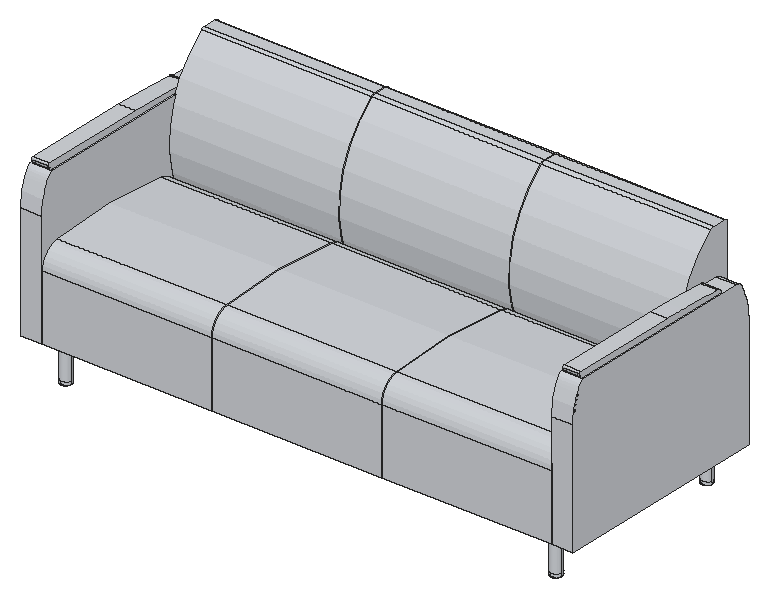
Revit family "Seat-LaZBoy-Assymble_Lounge_Seating-AS32A", category Furniture, Revit 2017
Family settings
  OmniClass Number = 23.40.20.00
  OmniClass Title = General Furniture and Specialties
  Work Plane-Based = No
  Always vertical = Yes
  Cut with Voids When Loaded = No
  Shared = No
  Room Calculation Point = No
Parameters (values of type "Solid Surface Arms Caps")
  Width = 77.50"  # constant formula
  URL = "https://www.la-z-boy.com/"
  Seat Material [instance] = none
  Product Documentation Link = "URL"
  Model = "AS32AJ"
  Manufacturer = "LaZBoy"
  Height = 32.75"  # constant formula
  Description = "3 Seat Lounge Chair with Solid Surface Arms Caps"
  Depth = 30.75"  # constant formula
  Copyright © = "Inc"
  Back Material [instance] = none
  Assembly Code = "E2020200"
  Armcap Material [instance] = none
  Arm Material [instance] = none
Types (4): name | Model | Description
  Upholstered Arms | "AS32AF" | "3 Seat Lounge Chair with Upholstered Arms"
  Urethane Arms Caps | "AS32AU" | "3 Seat Lounge Chair with Urethane Arms Caps"
  Wood Arms Caps | "AS32AW" | "3 Seat Lounge Chair with Wood Arms Caps"
  Solid Surface Arms Caps | "AS32AJ" | "3 Seat Lounge Chair with Solid Surface Arms Caps"
Reference planes (in)
  plane 1 "Center (Front/Back)": y = 0
  plane 2: z = 0
  plane 3 "Center (Left/Right)": x = 0
  plane 4: y = -15.375
  plane 5: z = 32.75
  plane 6: y = 15.375
  plane 7: x = -38.75
  plane 8: x = 38.75
  plane 9: z = 5.39888
  plane 10: x = -35.75
  plane 11: x = 35.75
  plane 12: x = -11.91667
  plane 13: x = 11.91667
  plane 14 "glide1": y = -12.84321
  plane 15 "glide 2": y = 13.59321
  plane 16: x = -34.36938
Forms (in)
  Extrusion 1, solid, material <- "Back Material"
    sketch origin (0, 0, 0) x (0, 1, 0) y (0, 0, 1)
      loop
        line (15.375, 5.39888) -> (15.375, 32.4)
        arc (15.375, 32.4) -> (15.27249, 32.64749) -> (15.025, 32.75) r 0.35
        line (15.025, 32.75) -> (13.18257, 32.75)
        arc (13.18257, 32.75) -> (12.88654, 32.70048) -> (12.62275, 32.55731) r 0.90955
        arc (12.62275, 32.55731) -> (7.27087, 24.12175) -> (8.46181, 14.20293) r 14.8761
        arc (8.46181, 14.20293) -> (10.29749, 9.8942) -> (11.61161, 5.39888) r 39.59734
        line (11.61161, 5.39888) -> (15.375, 5.39888)
    from -35.75 to -11.91667
  Extrusion 2, solid, material <- "Seat Material"
    sketch origin (0, 0, 0) x (0, 1, 0) y (0, 0, 1)
      loop
        line (-15.375, 5.39888) -> (11.61161, 5.39888)
        arc (11.61161, 5.39888) -> (9.9596, 10.8034) -> (7.55503, 15.9177) r 39.59734
        arc (7.55503, 15.9177) -> (6.71811, 16.83642) -> (5.56221, 17.29288) r 2.75
        arc (5.56221, 17.29288) -> (-3.58084, 18.03171) -> (-12.7401, 17.53243) r 67.9538
        arc (-12.7401, 17.53243) -> (-14.6217, 16.54278) -> (-15.375, 14.55473) r 3
        line (-15.375, 14.55473) -> (-15.375, 5.39888)
    from -35.75 to -11.91667
  Extrusion 3, solid
    sketch origin (0, 0, 0) x (1, 0, 0) y (0, 1, 0)
      loop
        circle (-34.36938, 13.59321) r 0.75
      loop
        circle (34.36938, 13.59321) r 0.75
      loop
        circle (-34.36938, -12.84321) r 0.75
      loop
        circle (34.36938, -12.84321) r 0.75
    from 0 to 5.39888
  Extrusion 4, solid, material <- "Back Material"
    sketch origin (0, 0, 0) x (0, 1, 0) y (0, 0, -1)
      loop
        line (15.375, -5.39888) -> (11.61161, -5.39888)
        arc (11.61161, -5.39888) -> (10.29749, -9.8942) -> (8.46181, -14.20293) r 39.59734
        arc (8.46181, -14.20293) -> (7.27087, -24.12175) -> (12.62275, -32.55731) r 14.8761
        arc (12.62275, -32.55731) -> (12.88654, -32.70048) -> (13.18257, -32.75) r 0.90955
        line (13.18257, -32.75) -> (15.025, -32.75)
        arc (15.025, -32.75) -> (15.27249, -32.64749) -> (15.375, -32.4) r 0.35
        line (15.375, -32.4) -> (15.375, -5.39888)
    from -35.75 to -11.91667
  Extrusion 5, solid, material <- "Seat Material"
    sketch origin (0, 0, 0) x (0, 1, 0) y (0, 0, -1)
      loop
        line (-15.375, -5.39888) -> (-15.375, -14.55473)
        arc (-15.375, -14.55473) -> (-14.6217, -16.54278) -> (-12.7401, -17.53243) r 3
        arc (-12.7401, -17.53243) -> (-3.58084, -18.03171) -> (5.56221, -17.29288) r 67.9538
        arc (5.56221, -17.29288) -> (6.71811, -16.83642) -> (7.55503, -15.9177) r 2.75
        arc (7.55503, -15.9177) -> (9.9596, -10.8034) -> (11.61161, -5.39888) r 39.59734
        line (11.61161, -5.39888) -> (-15.375, -5.39888)
    from -35.75 to -11.91667
  Extrusion 6, solid, material <- "Back Material"
    sketch origin (-23, 0, 0) x (0, 1, 0) y (0, 0, -1)
      loop
        line (15.375, -5.39888) -> (11.61161, -5.39888)
        arc (11.61161, -5.39888) -> (10.29749, -9.8942) -> (8.46181, -14.20293) r 39.59734
        arc (8.46181, -14.20293) -> (7.27087, -24.12175) -> (12.62275, -32.55731) r 14.8761
        arc (12.62275, -32.55731) -> (12.88654, -32.70048) -> (13.18257, -32.75) r 0.90955
        line (13.18257, -32.75) -> (15.025, -32.75)
        arc (15.025, -32.75) -> (15.27249, -32.64749) -> (15.375, -32.4) r 0.35
        line (15.375, -32.4) -> (15.375, -5.39888)
    from -34.91667 to -11.08333
  Extrusion 7, solid, material <- "Seat Material"
    sketch origin (-23, 0, 0) x (0, 1, 0) y (0, 0, -1)
      loop
        line (-15.375, -5.39888) -> (-15.375, -14.55473)
        arc (-15.375, -14.55473) -> (-14.6217, -16.54278) -> (-12.7401, -17.53243) r 3
        arc (-12.7401, -17.53243) -> (-3.58084, -18.03171) -> (5.56221, -17.29288) r 67.9538
        arc (5.56221, -17.29288) -> (6.71811, -16.83642) -> (7.55503, -15.9177) r 2.75
        arc (7.55503, -15.9177) -> (9.9596, -10.8034) -> (11.61161, -5.39888) r 39.59734
        line (11.61161, -5.39888) -> (-15.375, -5.39888)
    from -34.91667 to -11.08333
  Revolve 8, solid
    sketch origin (-1.25, -12.84321, 0) x (1, 0, 0) y (0, 0, 1)
      loop
        line (-33.11938, 0) -> (-32.38039, 0)
        arc (-32.38039, 0) -> (-32.34459, 0.01483) -> (-32.32976, 0.05064) r 0.05064
        line (-32.32976, 0.05064) -> (-32.32976, 0.40859) -> (-33.11938, 0.40859) -> (-33.11938, 0)
      axis (-33.11938, 0.40859) -> (-33.11938, 0)
    angle from 0 to 360
  Revolve 9, solid
    sketch origin (1.25, -12.84321, 0) x (-1, 0, 0) y (0, 0, 1)
      loop
        line (-33.11938, 0) -> (-32.38039, 0)
        arc (-32.38039, 0) -> (-32.34459, 0.01483) -> (-32.32976, 0.05064) r 0.05064
        line (-32.32976, 0.05064) -> (-32.32976, 0.40859) -> (-33.11938, 0.40859) -> (-33.11938, 0)
      axis (-33.11938, 0.40859) -> (-33.11938, 0)
    angle from 0 to 360
  Revolve 10, solid
    sketch origin (0, 13.59321, 0) x (1, 0, 0) y (0, 0, 1)
      loop
        line (-34.36938, 0) -> (-33.63039, 0)
        arc (-33.63039, 0) -> (-33.59459, 0.01483) -> (-33.57976, 0.05064) r 0.05064
        line (-33.57976, 0.05064) -> (-33.57976, 0.40859) -> (-34.36938, 0.40859) -> (-34.36938, 0)
      axis (-34.36938, 0.40859) -> (-34.36938, 0)
    angle from 0 to 360
  Revolve 11, solid
    sketch origin (0, 13.59321, 0) x (1, 0, 0) y (0, 0, 1)
      loop
        line (34.36938, 0) -> (34.36938, 0.40859) -> (33.57976, 0.40859) -> (33.57976, 0.05064)
        arc (33.57976, 0.05064) -> (33.59459, 0.01483) -> (33.63039, 0) r 0.05064
        line (33.63039, 0) -> (34.36938, 0)
      axis (34.36938, 0.40859) -> (34.36938, 0)
    angle from 0 to 360
Lines and regions (in)
  Masking region 1
    outline origin (0, 0, 0) x (1, 0, 0) y (0, 1, 0)
      loop
        line (-35.75, 15.375) -> (-35.75, -15.375) -> (35.75, -15.375) -> (35.75, 15.375) -> (-35.75, 15.375)
  symbolic lines, detail levels fine
    curve 1: line (35.75, 11.61161, 0) -> (-35.75, 11.61161, 0)
  symbolic lines, detail levels medium+fine
    curve 2: line (-35.75, 6.90274, 0) -> (35.75, 6.90274, 0)
    curve 3: line (11.91667, 15.375, 0) -> (11.91667, -15.375, 0)
    curve 4: line (-11.91667, 15.025, 0) -> (-11.91667, -15.375, 0)
Dimensions and locks (in)
  equal spacing: plane 6, plane 1 "Center (Front/Back)", plane 4
  equal spacing: plane 7, plane 3 "Center (Left/Right)", plane 8
  "Width": plane 7 to plane 8
  "Depth": plane 4 to plane 6
  "Height": plane 5 to plane 2
  plane 6 to Extrusion 3 sketch curve = 1.78179"
  locked: plane 7 to Extrusion 3 sketch curve at 4.38062
  locked: plane 9 to plane 2 at 5.39888
  locked: plane 7 to plane 10 at 3
  locked: plane 11 to plane 8 at 3
  equal spacing: plane 10, plane 12, plane 13, plane 11
  locked: plane 15 "glide 2" to plane 6 at 1.78179
  locked: plane 4 to plane 14 "glide1" at 2.53179
  aligned and locked: level to plane 2
  aligned and locked: plane 3 "Center (Left/Right)" to nested 1
  aligned and locked: plane 1 "Center (Front/Back)" to nested 1
  aligned and locked: plane 6 to Extrusion 1 sketch curve
  aligned and locked: Extrusion 3 to plane 9
  aligned and locked: nested 2 to plane 7
  aligned and locked: plane 6 to nested 2
  aligned and locked: nested 3 to plane 8
  aligned and locked: plane 10 to Extrusion 1
  aligned and locked: plane 10 to Extrusion 2
  aligned and locked: Masking region 1 sketch curve to plane 11
  aligned and locked: Masking region 1 sketch curve to plane 6
  aligned and locked: Masking region 1 sketch curve to plane 10
  aligned and locked: Masking region 1 sketch curve to plane 4
  aligned and locked: curve 1 to Extrusion 2
  aligned and locked: plane 11 to Extrusion 4
  aligned and locked: plane 11 to Extrusion 5
  aligned and locked: curve 3 to plane 13
  aligned and locked: plane 6 to curve 3
  aligned and locked: plane 4 to curve 3
  aligned and locked: plane 12 to Extrusion 1
  aligned and locked: plane 12 to Extrusion 2
  aligned and locked: Extrusion 4 to plane 13
  aligned and locked: Extrusion 5 to plane 13
  aligned and locked: Extrusion 6 to plane 12
  aligned and locked: plane 13 to Extrusion 6
  aligned and locked: Extrusion 7 to plane 12
  aligned and locked: plane 13 to Extrusion 7
Automatic sketch dimensions
  Extrusion 1 sketch curve to plane 9 = 0.00"
  Extrusion 1 sketch curve to plane 5 = 0.00"
  Extrusion 1 sketch curve to plane 5 = 0.35"
  plane 15 "glide 2" to Extrusion 1 sketch curve = 0.41064"
  plane 15 "glide 2" to Extrusion 1 sketch curve = 1.9816"
  Extrusion 1 sketch curve to level = 3.44449"
  plane 4 to Extrusion 1 sketch curve = 11.61059"
  plane 6 to Extrusion 1 sketch curve = 6.40384"
  Extrusion 1 sketch curve to plane 5 = 11.91722"
  Extrusion 1 sketch curve to plane 5 = 0.90955"
  Extrusion 1 sketch curve to Extrusion 1 sketch curve = 0.00"
  Extrusion 2 sketch curve to plane 4 = 0.00"
  Extrusion 2 sketch curve to plane 9 = 0.00"
  Extrusion 2 sketch curve to level = 3.44449"
  plane 4 to Extrusion 2 sketch curve = 11.61059"
  Extrusion 2 sketch curve to plane 14 "glide1" = 0.46821"
  plane 1 "Center (Front/Back)" to Extrusion 2 sketch curve = 4.47018"
  Extrusion 2 sketch curve to plane 1 "Center (Front/Back)" = 5.15622"
  plane 15 "glide 2" to Extrusion 2 sketch curve = 1.9816"
  Extrusion 2 sketch curve to level = 49.91627"
  Extrusion 2 sketch curve to Extrusion 2 sketch curve = 9.15585"
  plane 9 to Extrusion 2 sketch curve = 9.17414"
  Extrusion 2 sketch curve to Extrusion 2 sketch curve = 0.00"  (x2)
  plane 14 "glide1" to Extrusion 3 sketch curve = 0.00"  (x2)
  Extrusion 3 sketch curve to plane 16 = 0.00"
  plane 15 "glide 2" to Extrusion 3 sketch curve = 0.00"
  Extrusion 3 sketch curve to plane 11 = 1.38062"  (x2)
  Extrusion 4 sketch curve to plane 9 = 0.00"
  Extrusion 4 sketch curve to plane 5 = 0.00"
  Extrusion 4 sketch curve to plane 6 = 0.00"
  Extrusion 4 sketch curve to plane 5 = 0.35"
  plane 15 "glide 2" to Extrusion 4 sketch curve = 0.41064"
  plane 15 "glide 2" to Extrusion 4 sketch curve = 1.9816"
  Extrusion 4 sketch curve to level = 3.44449"
  plane 4 to Extrusion 4 sketch curve = 11.61059"
  plane 6 to Extrusion 4 sketch curve = 6.40384"
  Extrusion 4 sketch curve to plane 5 = 0.90955"
  Extrusion 4 sketch curve to plane 5 = 11.91722"
  Extrusion 4 sketch curve to Extrusion 4 sketch curve = 0.00"
  Extrusion 5 sketch curve to plane 4 = 0.00"
  Extrusion 5 sketch curve to plane 9 = 0.00"
  Extrusion 5 sketch curve to level = 3.44449"
  plane 4 to Extrusion 5 sketch curve = 11.61059"
  Extrusion 5 sketch curve to plane 14 "glide1" = 0.46821"
  plane 1 "Center (Front/Back)" to Extrusion 5 sketch curve = 4.47018"
  Extrusion 5 sketch curve to plane 1 "Center (Front/Back)" = 5.15622"
  plane 15 "glide 2" to Extrusion 5 sketch curve = 1.9816"
  Extrusion 5 sketch curve to Extrusion 5 sketch curve = 9.15585"
  plane 9 to Extrusion 5 sketch curve = 9.17414"
  Extrusion 5 sketch curve to level = 49.91627"
  Extrusion 5 sketch curve to Extrusion 5 sketch curve = 0.00"  (x2)
  Extrusion 6 sketch curve to plane 9 = 0.00"
  Extrusion 6 sketch curve to plane 5 = 0.00"
  Extrusion 6 sketch curve to plane 6 = 0.00"
  Extrusion 6 sketch curve to plane 5 = 0.35"
  plane 15 "glide 2" to Extrusion 6 sketch curve = 0.41064"
  plane 15 "glide 2" to Extrusion 6 sketch curve = 1.9816"
  Extrusion 6 sketch curve to level = 3.44449"
  plane 4 to Extrusion 6 sketch curve = 11.61059"
  plane 6 to Extrusion 6 sketch curve = 6.40384"
  Extrusion 6 sketch curve to plane 5 = 0.90955"
  Extrusion 6 sketch curve to plane 5 = 11.91722"
  Extrusion 6 sketch curve to Extrusion 6 sketch curve = 0.00"
  Extrusion 7 sketch curve to plane 4 = 0.00"
  Extrusion 7 sketch curve to plane 9 = 0.00"
  Extrusion 7 sketch curve to level = 3.44449"
  plane 4 to Extrusion 7 sketch curve = 11.61059"
  Extrusion 7 sketch curve to plane 14 "glide1" = 0.46821"
  plane 1 "Center (Front/Back)" to Extrusion 7 sketch curve = 4.47018"
  Extrusion 7 sketch curve to plane 1 "Center (Front/Back)" = 5.15622"
  plane 15 "glide 2" to Extrusion 7 sketch curve = 1.9816"
  plane 9 to Extrusion 7 sketch curve = 9.15585"
  plane 9 to Extrusion 7 sketch curve = 9.17414"
  Extrusion 7 sketch curve to level = 49.91627"
  Extrusion 7 sketch curve to Extrusion 7 sketch curve = 0.00"  (x2)
  Revolve 8 sketch curve to plane 16 = 0.00"  (x2)
  Revolve 8 sketch curve to level = 0.00"
  plane 16 to Revolve 8 sketch curve = 0.73899"
  level to Revolve 8 sketch curve = 0.05064"
  Revolve 8 sketch curve to Revolve 8 sketch curve = 0.35795"
  Revolve 8 sketch curve to level = 0.50"
  Revolve 8 sketch curve to Revolve 8 sketch curve = 1.34141"
  Revolve 9 sketch curve to level = 0.00"
  plane 11 to Revolve 9 sketch curve = 1.38062"
  Revolve 9 sketch curve to Revolve 9 sketch curve = 0.73899"
  Revolve 9 sketch curve to level = 0.05064"
  Revolve 9 sketch curve to Revolve 9 sketch curve = 0.35795"
  Revolve 9 sketch curve to Revolve 9 sketch curve = 0.00"
  level to Revolve 9 sketch curve = 0.50"
  Revolve 9 sketch curve to Revolve 9 sketch curve = 1.34141"
  Revolve 10 sketch curve to plane 16 = 0.00"  (x2)
  Revolve 10 sketch curve to level = 0.00"
  plane 16 to Revolve 10 sketch curve = 0.73899"
  level to Revolve 10 sketch curve = 0.05064"
  Revolve 10 sketch curve to Revolve 10 sketch curve = 0.35795"
  Revolve 10 sketch curve to level = 0.50"
  Revolve 10 sketch curve to Revolve 10 sketch curve = 1.34141"
  Revolve 11 sketch curve to level = 0.00"
  level to Revolve 11 sketch curve = 0.40859"
  Revolve 11 sketch curve to plane 11 = 2.17024"
  level to Revolve 11 sketch curve = 0.05064"
  Revolve 11 sketch curve to Revolve 11 sketch curve = 0.73899"
  Revolve 11 sketch curve to Revolve 11 sketch curve = 0.00"
  Revolve 11 sketch curve to Revolve 11 sketch curve = 0.50"
  Revolve 11 sketch curve to Revolve 11 sketch curve = 1.34141"
  curve 1 to plane 10 = 0.00"
  curve 2 to plane 10 = 0.00"
  curve 4 to plane 12 = 0.00"
  curve 2 to plane 11 = 0.00"
  curve 1 to plane 11 = 0.00"
  plane 4 to curve 4 = 0.00"
  curve 2 to curve 1 = 4.70887"
  curve 4 to plane 6 = 0.35"
  radius of Extrusion 3 sketch curve = 0.75"  (x4)
Nested families (in)
  nested 1: "Label 1-16" at (0, 0, 0), type "Center", detail levels fine
    with Offset (LR) 0.00"
  nested 2: "Leg-Assymble-AS" at (-37.25, -0.42331, 0), type "Standard"
    with With Armcap yes
  nested 3: "Leg-Assymble-AS" at (37.25, -0.42331, 0) x (-1, 0, 0) z (0, 0, 1), type "Standard"
    with With Armcap yes
Definition of nested family "Leg-Assymble-AS"
  Parameters (values of type "Standard")
    With Armcap [instance] = yes
    URL = ""
    On Legs = yes
    Model = ""
    Manufacturer = ""
    Description = ""
    Depth = 30.75"
    Assembly Code = "E2020200"
    Armcap Material = none
    Arm Material = none
  Reference planes (in)
    plane 1 "Center (Front/Back)": y = 0.42331
    plane 2: z = 0
    plane 3 "Center (Left/Right)": x = 0
    plane 4: y = -14.95169
    plane 5: y = 15.79831
    plane 6 "Top": z = 26.39888
    plane 7: z = 5.39888
    plane 8: x = -1.5
    plane 9: x = 1.5
    plane 10: z = 27.20597
  Forms (in)
    Extrusion 1, solid, material <- "Arm Material"
      sketch origin (0, 0, 0) x (0, 1, 0) y (0, 0, 1)
        loop
          line (-14.95169, 5.39888) -> (15.79831, 5.39888) -> (15.79831, 21.43599)
          spline (15.79831, 21.43599) -> (15.76797, 22.12079) -> (15.68527, 22.75327) -> (15.5627, 23.33665) -> (15.41272, 23.87418) -> (15.24784, 24.36908) -> (15.08052, 24.8246) -> (14.92237, 25.24351) -> (14.76729, 25.61955) -> (14.59281, 25.93806) -> (14.37586, 26.1841) -> (14.09335, 26.34269) -> (13.7222, 26.39888)
          line (13.7222, 26.39888) -> (-12.87557, 26.39888)
          spline (-12.87557, 26.39888) -> (-13.24672, 26.34269) -> (-13.52924, 26.1841) -> (-13.74619, 25.93806) -> (-13.92066, 25.61955) -> (-14.07574, 25.24351) -> (-14.23389, 24.8246) -> (-14.40121, 24.36908) -> (-14.5661, 23.87418) -> (-14.71607, 23.33665) -> (-14.83865, 22.75327) -> (-14.92135, 22.12079) -> (-14.95169, 21.43599)
          line (-14.95169, 21.43599) -> (-14.95169, 5.39888)
      from -1.5 to 1.5
    Extrusion 2, solid, material <- "Armcap Material", visible <- "With Armcap"
      sketch origin (0, 0, 0) x (0, 1, 0) y (0, 0, 1)
        loop
          line (-13.01699, 26.39888) -> (11.3584, 26.39888)
          arc (11.3584, 26.39888) -> (11.2289, 26.74416) -> (10.89493, 26.90053) r 0.48849
          line (10.89493, 26.90053) -> (10.8547, 26.90258)
          spline (10.8547, 26.90258) -> (9.81368, 26.95548) -> (8.97711, 26.99748) -> (8.27856, 27.03149) -> (7.65189, 27.06036) -> (7.04399, 27.08607) -> (6.41901, 27.10935) -> (5.74229, 27.13088) -> (4.97919, 27.15133) -> (4.10521, 27.17117) -> (3.20988, 27.18881) -> (2.45429, 27.20138) -> (2.00065, 27.20597)
          line (2.00065, 27.20597) -> (-13.10453, 27.20597)
          arc (-13.10453, 27.20597) -> (-13.26936, 27.11925) -> (-13.29125, 26.9343) r 0.2
          line (-13.29125, 26.9343) -> (-13.11035, 26.46304)
          arc (-13.11035, 26.46304) -> (-13.07363, 26.41646) -> (-13.01699, 26.39888) r 0.1
      from -1.18 to 1.18
  Lines and regions (in)
    Masking region 1
      outline origin (0, 0, 0) x (1, 0, 0) y (0, 1, 0)
        loop
          line (-1.5, 15.79831) -> (-1.5, -14.95169) -> (1.5, -14.95169) -> (1.5, 15.79831) -> (-1.5, 15.79831)
    symbolic lines, visible <- "With Armcap"
      curve 1: line (-1.18, 11.3584, 0) -> (-1.18, -13.30453, 0)
      curve 2: line (1.18, -13.30453, 0) -> (1.18, 11.3584, 0)
      curve 3: arc (-1.18, -13.30453, 0) -> (0, -13.34619, 0) -> (1.18, -13.30453, 0) r 16.73286
    symbolic lines
      curve 4: arc (-1.18, 11.3584, 0) -> (0, 11.42098, 0) -> (1.18, 11.3584, 0) r 11.15659
  Dimensions and locks (in)
    plane 6 "Top" to plane 7 to plane 2 = 21.00" locked, 5.39888" locked
    equal spacing: plane 4, plane 1 "Center (Front/Back)", plane 5
    "Depth": plane 4 to plane 5
    equal spacing: plane 8, plane 3 "Center (Left/Right)", plane 9
    plane 8 to plane 3 "Center (Left/Right)" = 1.50"
    locked: plane 10 to plane 6 "Top" at 0.80709
    equal spacing: Extrusion 2, plane 3 "Center (Left/Right)", Extrusion 2
    locked: Extrusion 2 sketch curve to plane 4 at 1.84715
    aligned and locked: level to plane 2
    aligned and locked: plane 7 to Extrusion 1 sketch curve
    aligned and locked: plane 5 to Extrusion 1 sketch curve
    aligned and locked: plane 4 to Extrusion 1 sketch curve
    aligned and locked: plane 6 "Top" to Extrusion 1 sketch curve
    aligned and locked: plane 8 to Extrusion 1
    aligned and locked: plane 9 to Extrusion 1
    aligned and locked: plane 6 "Top" to Extrusion 2 sketch curve
    aligned and locked: Masking region 1 sketch curve to plane 4
    aligned and locked: Masking region 1 sketch curve to plane 5
    aligned and locked: Masking region 1 sketch curve to plane 8
    aligned and locked: Masking region 1 sketch curve to plane 9
    aligned and locked: Extrusion 2 to curve 1
    aligned and locked: curve 2 to Extrusion 2
  Automatic sketch dimensions
    Extrusion 1 sketch curve to plane 5 = 2.07612"
    plane 6 "Top" to Extrusion 1 sketch curve = 4.96288"  (x2)
    Extrusion 1 sketch curve to plane 4 = 2.07612"
    curve 3 to plane 3 "Center (Left/Right)" = 0.00"
    curve 1 to plane 4 = 1.64715"
    plane 1 "Center (Front/Back)" to curve 4 = 0.15892"
    curve 3 to plane 1 "Center (Front/Back)" = 2.96335"
    curve 1 to plane 5 = 4.43991"
    curve 1 to curve 2 = 0.00"
    plane 10 to Extrusion 2 sketch curve = 0.00"
    Extrusion 2 sketch curve to plane 6 "Top" = 0.06416"
    Extrusion 2 sketch curve to Extrusion 2 sketch curve = 0.00582"
    plane 10 to Extrusion 2 sketch curve = 0.27167"
    Extrusion 2 sketch curve to Extrusion 2 sketch curve = 0.18672"
    Extrusion 2 sketch curve to Extrusion 2 sketch curve = 0.09336"
    Extrusion 2 sketch curve to plane 1 "Center (Front/Back)" = 1.57734"
    plane 10 to Extrusion 2 sketch curve = 0.30339"
    Extrusion 2 sketch curve to plane 5 = 4.94361"
    Extrusion 2 sketch curve to plane 6 "Top" = 0.01379"
    Extrusion 2 sketch curve to Extrusion 2 sketch curve = 0.0154"
    plane 10 to Extrusion 2 sketch curve = 0.30544"
    Extrusion 2 sketch curve to Extrusion 2 sketch curve = 0.04023"
Definition of nested family "Label 1-16"
  Parameters (values of type "Center")
    P_Width = 0.00"
    Text_Width = "Empty"
    Text_Height = "Empty"
    Text_Diameter = "Empty"
    Text_Depth = "Empty"
    Offset (LR) [instance] = 0.00"
    Model Name = "6961"
    P_Height = 0.00"
    Distance of Center (not Change) = 0.00"
    P_Diameter = 0.00"
    P_Depth = 0.00"
  Reference planes (in)
    plane 1: y = 0
    plane 2: x = 0
  Lines and regions (in)
    reference lines
      curve 1: line (-0.44359, 0, 0) -> (0.41085, 0, 0)
      curve 3: line (0, 0.32564, 0) -> (0, -0.40221, 0)
    reference lines, not visible
      curve 2: line (-0.44359, 0.09843, 0) -> (0.41085, 0.09843, 0)
      curve 4: line (0, 0.42407, 0) -> (0, -0.30379, 0)
  Text (in)
    label "Empty" at (0.00197, -0.0079, 0), shows "Model Name"
    label "Empty" at (0.00197, 0.09052, 0), shows "Model Name", not visible
  Dimensions and locks (in)
    "Distance of Center (not Change)": plane 1 to curve 1
    "Offset (LR)": curve 3 to plane 2
  Automatic sketch dimensions
    curve 1 to curve 3 = 0.44359"
    curve 3 to curve 1 = 0.41085"
    curve 3 to curve 1 = 0.40221"
    curve 1 to curve 3 = 0.32564"
    curve 2 to curve 4 = 0.44359"
    curve 4 to curve 2 = 0.41085"
    curve 4 to curve 2 = 0.40221"
    curve 2 to curve 4 = 0.32564"
